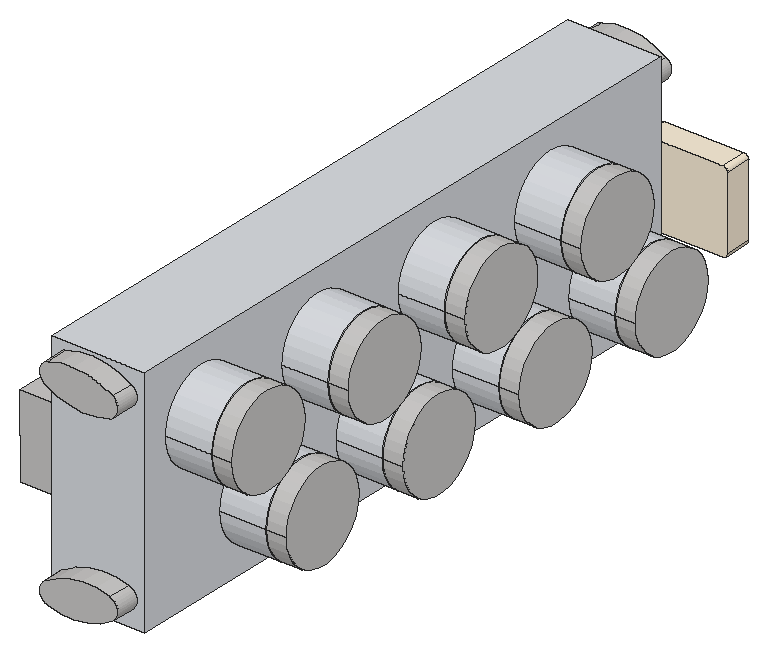
Revit family "HVAC_Ductwork_Airzone_Motorized-Plenum_Mitsubishi-Electric_Standard_8-Dampers", category Mechanical Equipment, Revit 2016
Family settings
  Part Type = Normal
  Round Connector Dimension = Use Diameter
  OmniClass Number = 23.75.70.14
  OmniClass Title = Air Ductwork
  Work Plane-Based = No
  Always vertical = Yes
  Cut with Voids When Loaded = No
  Shared = No
  Room Calculation Point = No
Parameters (values of type "MELST01L8")
  Voltage = 230 V
  URL = "www.airzone.es"
  Type Image Comments = "Image available in product documentation download"  # constant formula
  Revit Model Version = "1.0"  # constant formula
  Revit Model Author URL = "www.a3d.es"
  Revit Model Author = "A3D Consulting"  # constant formula
  Product Documentation Download URL = "http://doc.airzone.es/BIM/Easyzone/Mitsubishi_Electric-Airzone_motorized_plenum.zip"
  Product Comments = "Refer to technical documentation for further details"  # constant formula
  Power Factor = 1
  Neck Width = 1363.600 mm
  Neck Length = 95.000 mm
  Neck Height = 181.600 mm
  Material = Metal - AIRZONE - Galvanized Sheet - Semi-polished
  Main Control Board Material = Plastic - AIRZONE - Smooth - Off-white
  Load Classification = Other
  Insulated Body Width = 205.000 mm  # constant formula
  Insulated Body Material = Metal -AIRZONE - Insulating Lining -Aluminum Finish
  Insulated Body Length = 1425.000 mm  # constant formula
  Insulated Body Height = 515.000 mm  # constant formula
  Fresh Air Inlet 4 Flow [instance] = 0 m³/h
  Fresh Air Inlet 3 Flow [instance] = 0 m³/h
  Flow [instance] = Damper 8 Air Flow + Damper 7 Air Flow + Damper 6 Air Flow + Damper 5 Air Flow + Damper 4 Air Flow + Damper 3 Air Flow + Damper 2 Air Flow + Damper 1 Air Flow - Fresh Air Inlet 4 Flow - Fresh Air Inlet 3 Flow - Fresh Air Inlet 2 Flow - Fresh Air Inlet 1 Flow  # 2400 m³/h
  Fresh Air Inlet 1 Flow [instance] = 0 m³/h
  Fresh Air Inlet 2 Flow [instance] = 0 m³/h
  Fresh Air Inlet Connection Width = 175.000 mm
  Fresh Air Inlet Connection Height = 75.000 mm
  Model = "MELST01L8"
  Neck Side Offset = 30.700 mm
  Neck Bottom Offset = 179.700 mm
  Type Image = <None>
  Manufacturer = "AIRZONE"  # constant formula
  Main Control Board Depth = 57.000 mm  # constant formula
  Main Control Board Width = 195.000 mm  # constant formula
  Main Control Board Height = 180.000 mm  # constant formula
  Fixing = ""
  Disclaimer = "All information provided in this model is reviewed before being published. However, Airzone cannot guarantee this model is error-free, therefore users are strongly encouraged to check for technical documentation and updates"  # constant formula
  Description = "Airzone standard motorized plenum with neck that mechanically adapts to the main ducted AC units of Mitsubishi Electric."
  Type Comments = ""
  Dampers Length = 149.000 mm  # constant formula
  Dampers Diameter = 200.000 mm  # constant formula
  Damper 8 Air Flow [instance] = 300 m³/h
  Damper 7 Air Flow [instance] = 300 m³/h
  Damper 6 Air Flow [instance] = 300 m³/h
  Damper 5 Air Flow [instance] = 300 m³/h
  Damper 4 Air Flow [instance] = 300 m³/h
  Damper 1 Air Flow [instance] = 300 m³/h
  Damper 2 Air Flow [instance] = 300 m³/h
  Damper 3 Air Flow [instance] = 300 m³/h
  Fresh Air Inlet Connection Offset Height = 48.305 mm  # constant formula
  Compatible Accesories = ""
  Apparent Load = 57.5 VA
Reference planes
  plane 1 "Center (Front/Back)": y = 0
  plane 2 "Center (Elevation)": z = 0
  plane 3 "Center (Left/Right)": x = 0
  plane 4 "Neck Back": y = 681.8
  plane 5 "Neck Front": y = -681.8
  plane 6 "Neck Top": z = 90.8
  plane 7 "Neck Bottom": z = -90.8
  plane 8 "Left": x = 95
  plane 9 "Bottom": z = -270.5
  plane 10 "Top": z = 244.5
  plane 11 "Front": y = -712.5
  plane 12 "Back": y = 712.5
  plane 13 "Right": x = 300
  plane 14 "Dampers Front": x = 449
  plane 15 "Dampers L1 Center (Elevation)": z = 94.5
  plane 16 "Damper3": y = -235.84
  plane 17 "Damper2": y = 85.83
  plane 18 "Damper1": y = 407.5
  plane 19 "Middle": y = 0
  plane 20 "FreshAir L2 Center (Elevation)": z = -222.195
  plane 21 "FreshAir1": y = 765
  plane 22 "FreshAir2": y = -765
  plane 23 "Dampers Lining": x = 404
  plane 24 "FreshAir Vertical Axis": x = 195.83
  plane 25 "ConnectionBox Side": x = 254
  plane 26 "Main Control Board Center (Left/Right)": x = 351.5
  plane 27 "Damper4": y = -557.51
  plane 28 "Dampers L2 Center (Elevation)": z = -120.5
  plane 29 "Damper5": y = 557.51
  plane 30 "Damper6": y = 235.84
  plane 31 "Damper7": y = -85.83
  plane 32 "Damper8": y = -407.5
  plane 33 "InsulatedBody Center (Elevation)": z = -13
  plane 34 "FreshAir L1 Center (Elevation)": z = 196.195
Forms (mm)
  Extrusion 1, solid, material "Metal - AIRZONE - Galvanized Sheet - Semi-polished" <- "Material"
    sketch origin (0, 0, 0) x (0, 1, 0) y (0, 0, 1)
      loop
        line (-681.8, 90.8) -> (-681.8, -90.8) -> (681.8, -90.8) -> (681.8, 90.8) -> (-681.8, 90.8)
    from 0 to 95
  Extrusion 2, solid, material "Metal -AIRZONE - Insulating Lining -Aluminum Finish" <- "Insulated Body Material"
    sketch origin (95, 0, 0) x (0, 1, 0) y (0, 0, 1)
      loop
        line (-712.5, 244.5) -> (-712.5, -270.5) -> (712.5, -270.5) -> (712.5, 244.5) -> (-712.5, 244.5)
    from 0 to 205
  Extrusion 3, solid, material "Metal - AIRZONE - Galvanized Sheet - Semi-polished" <- "Material"
    sketch origin (300, 0, 0) x (0, 1, 0) y (0, 0, 1)
      loop
        circle (-235.84, 94.5) r 100
    from 104 to 149
  Extrusion 4, solid, material "Metal - AIRZONE - Galvanized Sheet - Semi-polished" <- "Material"
    sketch origin (300, 0, 0) x (0, 1, 0) y (0, 0, 1)
      loop
        circle (85.83, 94.5) r 100
    from 104 to 149
  Extrusion 5, solid, material "Metal - AIRZONE - Galvanized Sheet - Semi-polished" <- "Material"
    sketch origin (300, 0, 0) x (0, 1, 0) y (0, 0, 1)
      loop
        circle (407.5, 94.5) r 100
    from 104 to 149
  Extrusion 6, solid, material "Metal - AIRZONE - Galvanized Sheet - Semi-polished" <- "Material"
    sketch origin (0, -712.5, 0) x (0, 0, 1) y (1, 0, 0)
      loop
        arc (-189.641, 265.204) -> (-211.108, 282.105) -> (-235.812, 270.434) r 25.96
        arc (-235.812, 270.434) -> (-261.802, 200.598) -> (-254.349, 126.456) r 164.67
        arc (-254.349, 126.456) -> (-233.165, 109.589) -> (-208.494, 120.751) r 25.96
        arc (-208.494, 120.751) -> (-182.225, 190.78) -> (-189.641, 265.204) r 164.67
    from 0 to -52.5
  Extrusion 7, solid, material "Metal - AIRZONE - Galvanized Sheet - Semi-polished" <- "Material"
    sketch origin (0, 712.5, 0) x (0, 0, 1) y (1, 0, 0)
      loop
        arc (-189.641, 265.204) -> (-210.825, 282.071) -> (-235.496, 270.909) r 25.96
        arc (-235.496, 270.909) -> (-261.679, 201.53) -> (-254.767, 127.699) r 164.67
        arc (-254.767, 127.699) -> (-233.532, 109.637) -> (-208.178, 121.226) r 25.96
        arc (-208.178, 121.226) -> (-182.188, 191.062) -> (-189.641, 265.204) r 164.67
    from 0 to 52.5
  Extrusion 8, solid, material "Metal -AIRZONE - Insulating Lining -Aluminum Finish" <- "Insulated Body Material"
    sketch origin (300, 0, 0) x (0, 1, 0) y (0, 0, 1)
      loop
        circle (407.5, 94.5) r 100
    from 0 to 104
  Extrusion 9, solid, material "Metal -AIRZONE - Insulating Lining -Aluminum Finish" <- "Insulated Body Material"
    sketch origin (300, -260, 0) x (0, 1, 0) y (0, 0, 1)
      loop
        circle (345.83, 94.5) r 100
    from 0 to 104
  Extrusion 10, solid, material "Metal -AIRZONE - Insulating Lining -Aluminum Finish" <- "Insulated Body Material"
    sketch origin (300, -520, 0) x (0, 1, 0) y (0, 0, 1)
      loop
        circle (284.16, 94.5) r 100
    from 0 to 104
  Extrusion 11, solid, material "Metal - AIRZONE - Galvanized Sheet - Semi-polished" <- "Material"
    sketch origin (300, -190, 0) x (0, 1, 0) y (0, 0, 1)
      loop
        circle (-367.51, 94.5) r 100
    from 104 to 149
  Extrusion 12, solid, material "Metal -AIRZONE - Insulating Lining -Aluminum Finish" <- "Insulated Body Material"
    sketch origin (300, -710, 0) x (0, 1, 0) y (0, 0, 1)
      loop
        circle (152.49, 94.5) r 100
    from 0 to 104
  Extrusion 13, solid, material "Metal -AIRZONE - Insulating Lining -Aluminum Finish" <- "Insulated Body Material"
    sketch origin (300, -100, 0) x (0, 1, 0) y (0, 0, 1)
      loop
        circle (657.51, -120.5) r 100
    from 0 to 104
  Extrusion 14, solid, material "Metal - AIRZONE - Galvanized Sheet - Semi-polished" <- "Material"
    sketch origin (300, 150.01, 0) x (0, 1, 0) y (0, 0, 1)
      loop
        circle (407.5, -120.5) r 100
    from 104 to 149
  Extrusion 15, solid, material "Metal -AIRZONE - Insulating Lining -Aluminum Finish" <- "Insulated Body Material"
    sketch origin (300, -421.67, 0) x (0, 1, 0) y (0, 0, 1)
      loop
        circle (657.51, -120.5) r 100
    from 0 to 104
  Extrusion 16, solid, material "Metal - AIRZONE - Galvanized Sheet - Semi-polished" <- "Material"
    sketch origin (300, -171.66, 0) x (0, 1, 0) y (0, 0, 1)
      loop
        circle (407.5, -120.5) r 100
    from 104 to 149
  Extrusion 17, solid, material "Metal -AIRZONE - Insulating Lining -Aluminum Finish" <- "Insulated Body Material"
    sketch origin (300, -743.34, 0) x (0, 1, 0) y (0, 0, 1)
      loop
        circle (657.51, -120.5) r 100
    from 0 to 104
  Extrusion 18, solid, material "Metal - AIRZONE - Galvanized Sheet - Semi-polished" <- "Material"
    sketch origin (300, -493.33, 0) x (0, 1, 0) y (0, 0, 1)
      loop
        circle (407.5, -120.5) r 100
    from 104 to 149
  Extrusion 19, solid, material "Metal -AIRZONE - Insulating Lining -Aluminum Finish" <- "Insulated Body Material"
    sketch origin (300, -1065.01, 0) x (0, 1, 0) y (0, 0, 1)
      loop
        circle (657.51, -120.5) r 100
    from 0 to 104
  Extrusion 20, solid, material "Metal - AIRZONE - Galvanized Sheet - Semi-polished" <- "Material"
    sketch origin (300, -815, 0) x (0, 1, 0) y (0, 0, 1)
      loop
        circle (407.5, -120.5) r 100
    from 104 to 149
  Extrusion 21, solid, material "Metal - AIRZONE - Galvanized Sheet - Semi-polished" <- "Material"
    sketch origin (0, -712.5, -30) x (0, 0, -1) y (-1, 0, 0)
      loop
        arc (-193.641, -265.204) -> (-186.225, -190.78) -> (-212.494, -120.751) r 164.67
        arc (-212.494, -120.751) -> (-237.165, -109.589) -> (-258.349, -126.456) r 25.96
        arc (-258.349, -126.456) -> (-265.802, -200.598) -> (-239.812, -270.434) r 164.67
        arc (-239.812, -270.434) -> (-215.108, -282.105) -> (-193.641, -265.204) r 25.96
    from 0 to -52.5
  Extrusion 22, solid, material "Metal - AIRZONE - Galvanized Sheet - Semi-polished" <- "Material"
    sketch origin (0, 712.5, -30) x (0, 0, -1) y (-1, 0, 0)
      loop
        arc (-193.641, -265.204) -> (-186.188, -191.062) -> (-212.178, -121.226) r 164.67
        arc (-212.178, -121.226) -> (-237.532, -109.637) -> (-258.767, -127.699) r 25.96
        arc (-258.767, -127.699) -> (-265.679, -201.53) -> (-239.496, -270.909) r 164.67
        arc (-239.496, -270.909) -> (-214.825, -282.071) -> (-193.641, -265.204) r 25.96
    from 0 to 52.5
Lines and regions (mm)
  Masking region 1
    outline origin (0, 0, 0) x (1, 0, 0) y (0, 1, 0)
      loop
        line (95, 712.5) -> (95, -712.5) -> (300, -712.5) -> (300, 712.5) -> (95, 712.5)
  Masking region 2, detail levels medium+fine
    outline origin (0, 0, 0) x (1, 0, 0) y (0, 1, 0)
      loop
        line (0, 681.8) -> (0, -681.8) -> (95, -681.8) -> (95, 681.8) -> (0, 681.8)
  Masking region 3, detail levels medium+fine
    outline origin (0, 0, -222.195) x (1, 0, 0) y (0, 1, 0)
      loop
        line (108.33, 765) -> (108.33, 712.5) -> (283.33, 712.5) -> (283.33, 765) -> (108.33, 765)
  Masking region 4, detail levels medium+fine
    outline origin (0, 0, -222.195) x (1, 0, 0) y (0, 1, 0)
      loop
        line (108.33, -712.5) -> (108.33, -765) -> (283.33, -765) -> (283.33, -712.5) -> (108.33, -712.5)
  Masking region 5, detail levels medium+fine
    outline origin (0, 0, 0) x (1, 0, 0) y (0, 1, 0)
      loop
        line (254, 769.5) -> (254, 712.5) -> (449, 712.5) -> (449, 769.5) -> (254, 769.5)
  Masking region 6, detail levels medium+fine
    outline origin (0, 0, 94.5) x (0, -1, 0) y (1, 0, 0)
      loop
        line (457.51, 300) -> (657.51, 300) -> (657.51, 449) -> (457.51, 449) -> (457.51, 300)
  Masking region 7, detail levels medium+fine
    outline origin (0, 321.67, 94.5) x (0, -1, 0) y (1, 0, 0)
      loop
        line (457.51, 300) -> (657.51, 300) -> (657.51, 449) -> (457.51, 449) -> (457.51, 300)
  Masking region 8, detail levels medium+fine
    outline origin (0, 643.34, 94.5) x (0, -1, 0) y (1, 0, 0)
      loop
        line (457.51, 300) -> (657.51, 300) -> (657.51, 449) -> (457.51, 449) -> (457.51, 300)
  Masking region 9, detail levels medium+fine
    outline origin (0, 965.01, 94.5) x (0, -1, 0) y (1, 0, 0)
      loop
        line (457.51, 300) -> (657.51, 300) -> (657.51, 449) -> (457.51, 449) -> (457.51, 300)
  Masking region 10, detail levels medium+fine
    outline origin (0, 0, -120.5) x (0, -1, 0) y (1, 0, 0)
      loop
        line (-657.51, 300) -> (-457.51, 300) -> (-457.51, 449) -> (-657.51, 449) -> (-657.51, 300)
  Masking region 11, detail levels medium+fine
    outline origin (0, -321.67, -120.5) x (0, -1, 0) y (1, 0, 0)
      loop
        line (-657.51, 300) -> (-457.51, 300) -> (-457.51, 449) -> (-657.51, 449) -> (-657.51, 300)
  Masking region 12, detail levels medium+fine
    outline origin (0, -643.34, -120.5) x (0, -1, 0) y (1, 0, 0)
      loop
        line (-657.51, 300) -> (-457.51, 300) -> (-457.51, 449) -> (-657.51, 449) -> (-657.51, 300)
  Masking region 13, detail levels medium+fine
    outline origin (0, -965.01, -120.5) x (0, -1, 0) y (1, 0, 0)
      loop
        line (-657.51, 300) -> (-457.51, 300) -> (-457.51, 449) -> (-657.51, 449) -> (-657.51, 300)
  symbolic lines, detail levels coarse
    curve 1: line (95, -712.5, 0) -> (300, 0, 0)
    curve 2: line (300, 0, 0) -> (95, 712.5, 0)
Dimensions and locks
  equal spacing: plane 4 "Neck Back", plane 1 "Center (Front/Back)", plane 5 "Neck Front"
  "Neck Width": plane 4 "Neck Back" to plane 5 "Neck Front"
  equal spacing: plane 6 "Neck Top", level, plane 7 "Neck Bottom"
  "Neck Height": plane 6 "Neck Top" to plane 7 "Neck Bottom"
  "Neck Length": plane 3 "Center (Left/Right)" to plane 8 "Left"
  "Neck Bottom Offset": plane 7 "Neck Bottom" to plane 9 "Bottom"
  "Insulated Body Height": plane 10 "Top" to plane 9 "Bottom"
  "Insulated Body Length": plane 12 "Back" to plane 11 "Front"
  "Insulated Body Width": plane 8 "Left" to plane 13 "Right"
  "Dampers Length": plane 13 "Right" to plane 14 "Dampers Front"
  equal spacing: plane 12 "Back", plane 19 "Middle", plane 11 "Front"
  plane 8 "Left" to plane 13 "Right" = 205.000 mm
  "Fresh Air Inlet Connection Offset Height": plane 20 "FreshAir L2 Center (Elevation)" to plane 9 "Bottom"
  locked: Extrusion 6 sketch curve to plane 9 "Bottom" at 56.47
  locked: plane 13 "Right" to Extrusion 6 sketch curve at 43.69
  locked: plane 13 "Right" to Extrusion 6 sketch curve at 164.65
  locked: Extrusion 6 sketch curve to plane 9 "Bottom" at 40.54
  locked: plane 13 "Right" to Extrusion 6 sketch curve at 87.91
  locked: plane 9 "Bottom" to Extrusion 6 sketch curve at 75.01
  locked: plane 13 "Right" to Extrusion 6 sketch curve at 120.43
  locked: Extrusion 6 sketch curve to plane 9 "Bottom" at 172.02
  locked: plane 13 "Right" to Extrusion 7 sketch curve at 43.69
  locked: Extrusion 7 sketch curve to plane 9 "Bottom" at 56.47
  locked: Extrusion 7 sketch curve to plane 9 "Bottom" at 40.54
  locked: plane 13 "Right" to Extrusion 7 sketch curve at 164.65
  locked: plane 13 "Right" to Extrusion 7 sketch curve at 120.43
  locked: Extrusion 7 sketch curve to plane 9 "Bottom" at 172.02
  locked: plane 9 "Bottom" to Extrusion 7 sketch curve at 75.01
  locked: plane 13 "Right" to Extrusion 7 sketch curve at 87.91
  "Neck Side Offset": plane 12 "Back" to plane 4 "Neck Back"
  locked: plane 21 "FreshAir1" to plane 12 "Back" at 52.5
  plane 11 "Front" to plane 22 "FreshAir2" = 52.500 mm
  locked: connector elem to plane 13 "Right" at 104.17
  locked: plane 20 "FreshAir L2 Center (Elevation)" to connector elem
  locked: plane 13 "Right" to connector elem at 104.17
  locked: connector elem to plane 20 "FreshAir L2 Center (Elevation)"
  locked: plane 23 "Dampers Lining" to plane 14 "Dampers Front" at 45
  locked: plane 24 "FreshAir Vertical Axis" to plane 13 "Right" at 104.17
  equal spacing: Masking region 3 sketch curve, plane 24 "FreshAir Vertical Axis", Masking region 3 sketch curve
  "Fresh Air Inlet Connection Width": Masking region 3 sketch curve to Masking region 3 sketch curve
  equal spacing: Masking region 4 sketch curve, plane 24 "FreshAir Vertical Axis", Masking region 4 sketch curve
  "Fresh Air Inlet Connection Width": Masking region 4 sketch curve to Masking region 4 sketch curve
  "Main Control Board Depth": Masking region 5 sketch curve to plane 12 "Back"
  "Main Control Board Width": plane 25 "ConnectionBox Side" to plane 14 "Dampers Front"
  equal spacing: plane 25 "ConnectionBox Side", plane 26 "Main Control Board Center (Left/Right)", plane 14 "Dampers Front"
  equal spacing: Masking region 6 sketch curve, plane 27 "Damper4", Masking region 6 sketch curve
  "Dampers Diameter": Masking region 6 sketch curve to Masking region 6 sketch curve
  plane 18 "Damper1" to plane 17 "Damper2" to plane 16 "Damper3" to plane 27 "Damper4" = 321.670 mm locked, 321.670 mm locked, 321.670 mm locked
  locked: plane 17 "Damper2" to plane 19 "Middle" at 85.83
  locked: plane 10 "Top" to plane 15 "Dampers L1 Center (Elevation)" at 150
  locked: plane 28 "Dampers L2 Center (Elevation)" to plane 9 "Bottom" at 150
  plane 29 "Damper5" to plane 30 "Damper6" to plane 31 "Damper7" to plane 32 "Damper8" = 321.670 mm locked, 321.670 mm locked, 321.670 mm locked
  locked: plane 19 "Middle" to plane 31 "Damper7" at 85.83
  equal spacing: Masking region 7 sketch curve, plane 16 "Damper3", Masking region 7 sketch curve
  "Dampers Diameter": Masking region 7 sketch curve to Masking region 7 sketch curve
  equal spacing: Masking region 8 sketch curve, plane 17 "Damper2", Masking region 8 sketch curve
  "Dampers Diameter": Masking region 8 sketch curve to Masking region 8 sketch curve
  equal spacing: Masking region 9 sketch curve, plane 18 "Damper1", Masking region 9 sketch curve
  "Dampers Diameter": Masking region 9 sketch curve to Masking region 9 sketch curve
  equal spacing: Masking region 10 sketch curve, plane 29 "Damper5", Masking region 10 sketch curve
  "Dampers Diameter": Masking region 10 sketch curve to Masking region 10 sketch curve
  equal spacing: Masking region 11 sketch curve, plane 30 "Damper6", Masking region 11 sketch curve
  "Dampers Diameter": Masking region 11 sketch curve to Masking region 11 sketch curve
  equal spacing: Masking region 12 sketch curve, plane 31 "Damper7", Masking region 12 sketch curve
  "Dampers Diameter": Masking region 12 sketch curve to Masking region 12 sketch curve
  equal spacing: Masking region 13 sketch curve, plane 32 "Damper8", Masking region 13 sketch curve
  "Dampers Diameter": Masking region 13 sketch curve to Masking region 13 sketch curve
  equal spacing: plane 10 "Top", plane 33 "InsulatedBody Center (Elevation)", plane 9 "Bottom"
  locked: plane 13 "Right" to Extrusion 21 sketch curve at 43.69
  locked: plane 13 "Right" to Extrusion 21 sketch curve at 87.91
  locked: plane 13 "Right" to Extrusion 21 sketch curve at 120.43
  locked: plane 13 "Right" to Extrusion 21 sketch curve at 164.65
  locked: Extrusion 21 sketch curve to plane 10 "Top" at 75.01
  locked: plane 10 "Top" to Extrusion 21 sketch curve at 40.54
  locked: plane 10 "Top" to Extrusion 21 sketch curve at 56.47
  locked: plane 10 "Top" to Extrusion 21 sketch curve at 172.02
  locked: plane 10 "Top" to Extrusion 22 sketch curve at 75.01
  locked: Extrusion 22 sketch curve to plane 10 "Top" at 40.54
  locked: Extrusion 22 sketch curve to plane 10 "Top" at 56.47
  locked: Extrusion 22 sketch curve to plane 10 "Top" at 172.02
  locked: plane 13 "Right" to Extrusion 22 sketch curve at 43.69
  locked: plane 13 "Right" to Extrusion 22 sketch curve at 87.91
  locked: plane 13 "Right" to Extrusion 22 sketch curve at 120.43
  locked: plane 13 "Right" to Extrusion 22 sketch curve at 164.65
  "Fresh Air Inlet Connection Offset Height": plane 10 "Top" to plane 34 "FreshAir L1 Center (Elevation)"
  locked: connector elem to plane 24 "FreshAir Vertical Axis"  (x2)
  locked: connector elem to plane 34 "FreshAir L1 Center (Elevation)"  (x2)
  "Dampers Diameter": diameter of Extrusion 3 sketch curve
  "Dampers Diameter": diameter of Extrusion 4 sketch curve
  "Dampers Diameter": diameter of Extrusion 5 sketch curve
  radius of Extrusion 7 sketch curve = 164.670 mm  (x2)
  radius of Extrusion 7 sketch curve = 25.960 mm  (x2)
  radius of Extrusion 6 sketch curve = 164.670 mm  (x2)
  radius of Extrusion 6 sketch curve = 25.960 mm  (x2)
  "Dampers Diameter": diameter of Extrusion 8 sketch curve
  "Dampers Diameter": diameter of Extrusion 9 sketch curve
  "Dampers Diameter": diameter of Extrusion 10 sketch curve
  "Dampers Diameter": diameter of Extrusion 11 sketch curve
  "Dampers Diameter": diameter of Extrusion 12 sketch curve
  "Dampers Diameter": diameter of Extrusion 13 sketch curve
  "Dampers Diameter": diameter of Extrusion 14 sketch curve
  "Dampers Diameter": diameter of Extrusion 15 sketch curve
  "Dampers Diameter": diameter of Extrusion 16 sketch curve
  "Dampers Diameter": diameter of Extrusion 17 sketch curve
  "Dampers Diameter": diameter of Extrusion 18 sketch curve
  "Dampers Diameter": diameter of Extrusion 19 sketch curve
  "Dampers Diameter": diameter of Extrusion 20 sketch curve
  radius of Extrusion 21 sketch curve = 164.670 mm  (x2)
  radius of Extrusion 21 sketch curve = 25.960 mm  (x2)
  radius of Extrusion 22 sketch curve = 164.670 mm  (x2)
  radius of Extrusion 22 sketch curve = 25.960 mm  (x2)
  aligned and locked: level to plane 2 "Center (Elevation)"
  aligned and locked: plane 5 "Neck Front" to Extrusion 1 sketch curve
  aligned and locked: Extrusion 1 sketch curve to plane 6 "Neck Top"
  aligned and locked: Extrusion 1 sketch curve to plane 4 "Neck Back"
  aligned and locked: plane 7 "Neck Bottom" to Extrusion 1 sketch curve
  aligned and locked: Extrusion 1 to plane 3 "Center (Left/Right)"
  aligned and locked: Extrusion 2 sketch curve to plane 10 "Top"
  aligned and locked: Extrusion 2 sketch curve to plane 12 "Back"
  aligned and locked: plane 9 "Bottom" to Extrusion 2 sketch curve
  aligned and locked: plane 11 "Front" to Extrusion 2 sketch curve
  aligned and locked: plane 13 "Right" to Extrusion 2
  aligned and locked: Extrusion 2 to plane 8 "Left"
  aligned and locked: plane 16 "Damper3" to Extrusion 3 sketch curve
  aligned and locked: plane 15 "Dampers L1 Center (Elevation)" to Extrusion 3 sketch curve
  aligned and locked: plane 15 "Dampers L1 Center (Elevation)" to Extrusion 4 sketch curve
  aligned and locked: plane 18 "Damper1" to Extrusion 5 sketch curve
  aligned and locked: plane 15 "Dampers L1 Center (Elevation)" to Extrusion 5 sketch curve
  aligned and locked: plane 14 "Dampers Front" to Extrusion 5
  aligned and locked: plane 14 "Dampers Front" to Extrusion 4
  aligned and locked: plane 14 "Dampers Front" to Extrusion 3
  aligned and locked: plane 8 "Left" to Extrusion 1
  aligned and locked: plane 22 "FreshAir2" to Extrusion 6
  aligned and locked: plane 21 "FreshAir1" to Extrusion 7
  aligned and locked: Extrusion 7 to plane 12 "Back"
  aligned and locked: plane 11 "Front" to Extrusion 6
  aligned and locked: Extrusion 5 to plane 23 "Dampers Lining"
  aligned and locked: Extrusion 5 to Extrusion 4
  aligned and locked: Extrusion 4 to Extrusion 3
  aligned and locked: plane 23 "Dampers Lining" to Extrusion 8
  aligned and locked: Extrusion 10 to plane 13 "Right"
  aligned and locked: plane 23 "Dampers Lining" to Extrusion 10
  aligned and locked: Extrusion 9 to plane 13 "Right"
  aligned and locked: plane 23 "Dampers Lining" to Extrusion 9
  aligned and locked: Extrusion 8 to plane 13 "Right"
  aligned and locked: Extrusion 9 to Extrusion 8
  aligned and locked: plane 18 "Damper1" to Extrusion 8 sketch curve
  aligned and locked: plane 15 "Dampers L1 Center (Elevation)" to Extrusion 8 sketch curve
  aligned and locked: plane 15 "Dampers L1 Center (Elevation)" to Extrusion 9 sketch curve
  aligned and locked: plane 16 "Damper3" to Extrusion 10 sketch curve
  aligned and locked: plane 15 "Dampers L1 Center (Elevation)" to Extrusion 10 sketch curve
  aligned and locked: Masking region 1 sketch curve to plane 12 "Back"
  aligned and locked: plane 8 "Left" to Masking region 1 sketch curve
  aligned and locked: Masking region 1 sketch curve to plane 13 "Right"
  aligned and locked: plane 11 "Front" to Masking region 1 sketch curve
  aligned and locked: plane 5 "Neck Front" to Masking region 2 sketch curve
  aligned and locked: plane 3 "Center (Left/Right)" to Masking region 2 sketch curve
  aligned and locked: Masking region 2 sketch curve to plane 4 "Neck Back"
  aligned and locked: Masking region 2 sketch curve to plane 8 "Left"
  aligned and locked: plane 12 "Back" to Masking region 3 sketch curve
  aligned and locked: Masking region 3 sketch curve to plane 21 "FreshAir1"
  aligned and locked: Masking region 4 sketch curve to plane 11 "Front"
  aligned and locked: Masking region 4 sketch curve to plane 22 "FreshAir2"
  aligned and locked: plane 12 "Back" to Masking region 5 sketch curve
  aligned and locked: Masking region 5 sketch curve to plane 14 "Dampers Front"
  aligned and locked: plane 25 "ConnectionBox Side" to Masking region 5 sketch curve
  aligned and locked: plane 17 "Damper2" to Extrusion 9 sketch curve
  aligned and locked: plane 17 "Damper2" to Extrusion 4 sketch curve
  aligned and locked: Masking region 6 sketch curve to plane 14 "Dampers Front"
  aligned and locked: plane 13 "Right" to Masking region 6 sketch curve
  aligned and locked: Extrusion 12 to plane 13 "Right"
  aligned and locked: plane 23 "Dampers Lining" to Extrusion 12
  aligned and locked: Extrusion 11 to plane 23 "Dampers Lining"
  aligned and locked: plane 14 "Dampers Front" to Extrusion 11
  aligned and locked: plane 15 "Dampers L1 Center (Elevation)" to Extrusion 12 sketch curve
  aligned and locked: plane 27 "Damper4" to Extrusion 12 sketch curve
  aligned and locked: plane 15 "Dampers L1 Center (Elevation)" to Extrusion 11 sketch curve
  aligned and locked: plane 27 "Damper4" to Extrusion 11 sketch curve
  aligned and locked: Extrusion 13 to plane 13 "Right"
  aligned and locked: plane 23 "Dampers Lining" to Extrusion 13
  aligned and locked: plane 28 "Dampers L2 Center (Elevation)" to Extrusion 13 sketch curve
  aligned and locked: plane 29 "Damper5" to Extrusion 13 sketch curve
  aligned and locked: Extrusion 14 to plane 23 "Dampers Lining"
  aligned and locked: plane 14 "Dampers Front" to Extrusion 14
  aligned and locked: plane 28 "Dampers L2 Center (Elevation)" to Extrusion 14 sketch curve
  aligned and locked: plane 29 "Damper5" to Extrusion 14 sketch curve
  aligned and locked: Extrusion 15 to plane 13 "Right"
  aligned and locked: plane 23 "Dampers Lining" to Extrusion 15
  aligned and locked: Extrusion 17 to plane 13 "Right"
  aligned and locked: plane 23 "Dampers Lining" to Extrusion 17
  aligned and locked: Extrusion 19 to plane 13 "Right"
  aligned and locked: plane 23 "Dampers Lining" to Extrusion 19
  aligned and locked: Extrusion 20 to plane 23 "Dampers Lining"
  aligned and locked: plane 14 "Dampers Front" to Extrusion 20
  aligned and locked: Extrusion 18 to plane 23 "Dampers Lining"
  aligned and locked: plane 14 "Dampers Front" to Extrusion 18
  aligned and locked: Extrusion 16 to plane 23 "Dampers Lining"
  aligned and locked: plane 14 "Dampers Front" to Extrusion 16
  aligned and locked: plane 30 "Damper6" to Extrusion 16 sketch curve
  aligned and locked: plane 28 "Dampers L2 Center (Elevation)" to Extrusion 16 sketch curve
  aligned and locked: plane 31 "Damper7" to Extrusion 18 sketch curve
  aligned and locked: plane 28 "Dampers L2 Center (Elevation)" to Extrusion 18 sketch curve
  aligned and locked: plane 32 "Damper8" to Extrusion 20 sketch curve
  aligned and locked: plane 28 "Dampers L2 Center (Elevation)" to Extrusion 20 sketch curve
  aligned and locked: plane 32 "Damper8" to Extrusion 19 sketch curve
  aligned and locked: plane 28 "Dampers L2 Center (Elevation)" to Extrusion 19 sketch curve
  aligned and locked: plane 28 "Dampers L2 Center (Elevation)" to Extrusion 17 sketch curve
  aligned and locked: plane 31 "Damper7" to Extrusion 17 sketch curve
  aligned and locked: plane 30 "Damper6" to Extrusion 15 sketch curve
  aligned and locked: plane 28 "Dampers L2 Center (Elevation)" to Extrusion 15 sketch curve
  aligned and locked: plane 13 "Right" to Masking region 7 sketch curve
  aligned and locked: Masking region 7 sketch curve to plane 14 "Dampers Front"
  aligned and locked: plane 13 "Right" to Masking region 8 sketch curve
  aligned and locked: Masking region 8 sketch curve to plane 14 "Dampers Front"
  aligned and locked: plane 13 "Right" to Masking region 9 sketch curve
  aligned and locked: Masking region 9 sketch curve to plane 14 "Dampers Front"
  aligned and locked: plane 13 "Right" to Masking region 10 sketch curve
  aligned and locked: Masking region 10 sketch curve to plane 14 "Dampers Front"
  aligned and locked: plane 13 "Right" to Masking region 13 sketch curve
  aligned and locked: Masking region 13 sketch curve to plane 14 "Dampers Front"
  aligned and locked: plane 13 "Right" to Masking region 12 sketch curve
  aligned and locked: Masking region 12 sketch curve to plane 14 "Dampers Front"
  aligned and locked: plane 13 "Right" to Masking region 11 sketch curve
  aligned and locked: Masking region 11 sketch curve to plane 14 "Dampers Front"
  aligned and locked: plane 11 "Front" to Extrusion 21
  aligned and locked: plane 22 "FreshAir2" to Extrusion 21
  aligned and locked: plane 21 "FreshAir1" to Extrusion 22
  aligned and locked: Extrusion 22 to plane 12 "Back"
  aligned and locked: nested 1 to plane 12 "Back"
  aligned and locked: nested 1 to plane 26 "Main Control Board Center (Left/Right)"
  aligned and locked: nested 1 to plane 33 "InsulatedBody Center (Elevation)"
Automatic sketch dimensions
  curve 2 to plane 8 "Left" = 0.000 mm
  curve 1 to plane 8 "Left" = 0.000 mm
  curve 2 to plane 13 "Right" = 0.000 mm
  curve 1 to plane 11 "Front" = 0.000 mm
  curve 2 to plane 19 "Middle" = 0.000 mm
  curve 2 to plane 12 "Back" = 0.000 mm
Nested families
  nested 1: "Airzone_Main-Control-Board" at (351.5, 712.5, -13) x (-1, 0, 0) z (0, 1, 0), Extrusion <- "Main Control Board Depth", Height <- "Main Control Board Height", Width <- "Main Control Board Width", Material <- "Main Control Board Material", type "Standard"
    with Width 195.000 mm, Material Plastic - AIRZONE - Smooth - Off-white, Height 180.000 mm, Extrusion 57.000 mm
Connectors
  hvac at (449, -235.84, 94.5), driven by "Damper 3 Air Flow", driven by "Dampers Diameter"
    settings: on Extrusion 3, index 1, duct flow 300 m³/h, flow factor 0, pres drop 0.0 Pa, loss coef 0, conn angle 0.00°, conn width 304.8 mm, conn height 304.8 mm, conn diameter 200 mm, duct sys type 1, conn prof type 0, flow config 0, flow direction 2, loss method 0, conn ref index -1, conn util no, is conn primary no, conn desc "Supply Air Out 3"
  hvac at (449, 85.83, 94.5), driven by "Damper 2 Air Flow", driven by "Dampers Diameter"
    settings: on Extrusion 4, index 2, duct flow 300 m³/h, flow factor 0, pres drop 0.0 Pa, loss coef 0, conn angle 0.00°, conn width 304.8 mm, conn height 304.8 mm, conn diameter 200 mm, duct sys type 1, conn prof type 0, flow config 0, flow direction 2, loss method 0, conn ref index -1, conn util no, is conn primary no, conn desc "Supply Air Out 2"
  hvac at (449, 407.5, 94.5), driven by "Damper 1 Air Flow", driven by "Dampers Diameter"
    settings: on Extrusion 5, index 3, duct flow 300 m³/h, flow factor 0, pres drop 0.0 Pa, loss coef 0, conn angle 0.00°, conn width 304.8 mm, conn height 304.8 mm, conn diameter 200 mm, duct sys type 1, conn prof type 0, flow config 0, flow direction 2, loss method 0, conn ref index -1, conn util no, is conn primary no, conn desc "Supply Air Out 1"
  hvac at (0, 0, 0), driven by "Flow", driven by "Neck Height", driven by "Neck Width"
    settings: on Extrusion 1, index 6, duct flow 2400 m³/h, flow factor 0, pres drop 0.0 Pa, loss coef 0, conn angle 0.00°, conn width 1363.6 mm, conn height 181.6 mm, conn diameter 609.6 mm, duct sys type 1, conn prof type 1, flow config 1, flow direction 1, loss method 0, conn ref index -1, conn util no, is conn primary yes, conn desc "Supply Air In"
  hvac at (195.83, -765, -222.195), driven by "Fresh Air Inlet 4 Flow", driven by "Fresh Air Inlet Connection Width", driven by "Fresh Air Inlet Connection Height"
    settings: index 7, duct flow 0 m³/h, flow factor 0, pres drop 0.0 Pa, loss coef 0, conn angle 0.00°, conn width 175 mm, conn height 75 mm, conn diameter 609.6 mm, duct sys type 1, conn prof type 2, flow config 1, flow direction 1, loss method 0, conn ref index -1, conn util no, is conn primary no, conn desc "Fresh Air In 4"
  hvac at (195.83, 765, -222.195), driven by "Fresh Air Inlet 3 Flow", driven by "Fresh Air Inlet Connection Height", driven by "Fresh Air Inlet Connection Width"
    settings: index 8, duct flow 0 m³/h, flow factor 0, pres drop 0.0 Pa, loss coef 0, conn angle 0.00°, conn width 175 mm, conn height 75 mm, conn diameter 609.6 mm, duct sys type 1, conn prof type 2, flow config 1, flow direction 1, loss method 0, conn ref index -1, conn util no, is conn primary no, conn desc "Fresh Air In 3"
  hvac at (449, -557.51, 94.5), driven by "Damper 4 Air Flow", driven by "Dampers Diameter"
    settings: on Extrusion 11, index 9, duct flow 300 m³/h, flow factor 0, pres drop 0.0 Pa, loss coef 0, conn angle 0.00°, conn width 304.8 mm, conn height 304.8 mm, conn diameter 200 mm, duct sys type 1, conn prof type 0, flow config 0, flow direction 2, loss method 0, conn ref index -1, conn util no, is conn primary no, conn desc "Supply Air Out 4"
  hvac at (449, 557.51, -120.5), driven by "Dampers Diameter", driven by "Damper 5 Air Flow"
    settings: on Extrusion 14, index 10, duct flow 300 m³/h, flow factor 0, pres drop 0.0 Pa, loss coef 0, conn angle 0.00°, conn width 304.8 mm, conn height 304.8 mm, conn diameter 200 mm, duct sys type 1, conn prof type 0, flow config 0, flow direction 2, loss method 0, conn ref index -1, conn util no, is conn primary no, conn desc ""
  hvac at (449, 235.84, -120.5), driven by "Dampers Diameter", driven by "Damper 6 Air Flow"
    settings: on Extrusion 16, index 11, duct flow 300 m³/h, flow factor 0, pres drop 0.0 Pa, loss coef 0, conn angle 0.00°, conn width 304.8 mm, conn height 304.8 mm, conn diameter 200 mm, duct sys type 1, conn prof type 0, flow config 0, flow direction 2, loss method 0, conn ref index -1, conn util no, is conn primary no, conn desc ""
  hvac at (449, -85.83, -120.5), driven by "Dampers Diameter", driven by "Damper 7 Air Flow"
    settings: on Extrusion 18, index 12, duct flow 300 m³/h, flow factor 0, pres drop 0.0 Pa, loss coef 0, conn angle 0.00°, conn width 304.8 mm, conn height 304.8 mm, conn diameter 200 mm, duct sys type 1, conn prof type 0, flow config 0, flow direction 2, loss method 0, conn ref index -1, conn util no, is conn primary no, conn desc ""
  hvac at (449, -407.5, -120.5), driven by "Dampers Diameter", driven by "Damper 8 Air Flow"
    settings: on Extrusion 20, index 13, duct flow 300 m³/h, flow factor 0, pres drop 0.0 Pa, loss coef 0, conn angle 0.00°, conn width 304.8 mm, conn height 304.8 mm, conn diameter 200 mm, duct sys type 1, conn prof type 0, flow config 0, flow direction 2, loss method 0, conn ref index -1, conn util no, is conn primary no, conn desc ""
  hvac at (195.83, -765, 196.195), driven by "Fresh Air Inlet 2 Flow", driven by "Fresh Air Inlet Connection Height", driven by "Fresh Air Inlet Connection Width"
    settings: index 14, duct flow 0 m³/h, flow factor 0, pres drop 0.0 Pa, loss coef 0, conn angle 0.00°, conn width 175 mm, conn height 75 mm, conn diameter 609.6 mm, duct sys type 1, conn prof type 2, flow config 1, flow direction 1, loss method 0, conn ref index -1, conn util no, is conn primary no, conn desc "Fresh Air In 2"
  hvac at (195.83, 765, 196.195), driven by "Fresh Air Inlet 1 Flow", driven by "Fresh Air Inlet Connection Height", driven by "Fresh Air Inlet Connection Width"
    settings: index 15, duct flow 0 m³/h, flow factor 0, pres drop 0.0 Pa, loss coef 0, conn angle 0.00°, conn width 175 mm, conn height 75 mm, conn diameter 609.6 mm, duct sys type 1, conn prof type 2, flow config 1, flow direction 1, loss method 0, conn ref index -1, conn util no, is conn primary no, conn desc "Fresh Air In 1"
  electrical at (351.5, 769.5, -13), driven by "Load Classification", driven by "Voltage", driven by "Apparent Load", driven by "Power Factor"
    settings: on nested 1, index 16, voltage 230 V, apparent load 57.5 VA, apparent load phase1 0 VA, apparent load phase2 0 VA, apparent load phase3 0 VA, power factor 1, load classification "Other", number of poles 1, system type 30, power factor state 1, is connector primary yes, connector utility no, sub classification motor no, connector description "Power Supply"
Definition of nested family "Airzone_Main-Control-Board"
  Parameters (values of type "Standard")
    Width [instance] = 195.000 mm
    URL = "www.airzone.es"
    Revit Model Version = "1.0"  # constant formula
    Revit Model Author URL = "www.a3d.es"
    Revit Model Author = "A3D Consulting"  # constant formula
    Material [instance] = none
    Manufacturer = "AIRZONE"  # constant formula
    Height [instance] = 180.000 mm
    Extrusion [instance] = 57.000 mm
    Default Elevation = 0.000 mm
  Reference planes
    plane 1 "Center (Front/Back)": y = 0
    plane 2: z = 0
    plane 3 "Center (Left/Right)": x = 0
    plane 4: y = 90
    plane 5: y = -90
    plane 6: x = 97.5
    plane 7: x = -97.5
  Forms (mm)
    Extrusion 1, solid, material <- "Material"
      sketch origin (0, 0, 0) x (1, 0, 0) y (0, 1, 0)
        loop
          arc (-87.5, 90) -> (-94.571, 87.071) -> (-97.5, 80) r 10
          line (-97.5, 80) -> (-97.5, -80)
          arc (-97.5, -80) -> (-94.571, -87.071) -> (-87.5, -90) r 10
          line (-87.5, -90) -> (87.5, -90)
          arc (87.5, -90) -> (94.571, -87.071) -> (97.5, -80) r 10
          line (97.5, -80) -> (97.5, 80)
          arc (97.5, 80) -> (94.571, 87.071) -> (87.5, 90) r 10
          line (87.5, 90) -> (-87.5, 90)
      from 0 to 57 <- "Extrusion"
  Dimensions and locks
    equal spacing: plane 7, plane 3 "Center (Left/Right)", plane 6
    equal spacing: plane 4, plane 1 "Center (Front/Back)", plane 5
    "Width": plane 7 to plane 6
    "Height": plane 4 to plane 5
    radius of Extrusion 1 sketch curve = 10.000 mm  (x4)
    aligned and locked: level to plane 2
    aligned and locked: plane 5 to Extrusion 1 sketch curve
    aligned and locked: Extrusion 1 sketch curve to plane 6
    aligned and locked: Extrusion 1 sketch curve to plane 4
    aligned and locked: plane 7 to Extrusion 1 sketch curve
